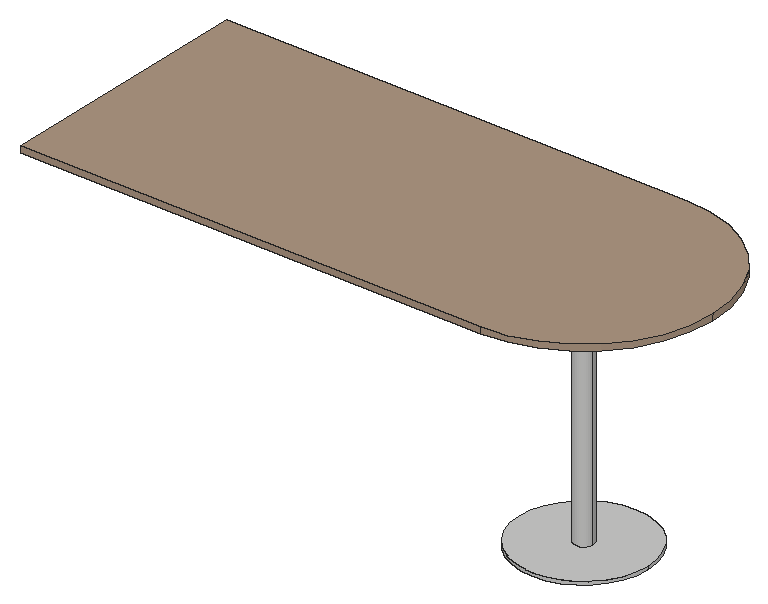
Revit family "Worksurface-Teknion-PLSW__Semisupported_Worksurface-R2015", category Furniture, Revit 2015
Parameters (values of type "Pedestal Leg Style - Bullet Top")
  Worksurface Width [instance] = 96.000"
  Worksurface Thickness = 1.000"  # constant formula
  Worksurface Height [instance] = no
  Note [instance] = "Two Cabinet  Configuration is not available in Depth 24, 30, 42 inches.  One Cabinet configuration is not available in Depth 40 inches."  # constant formula
  Actual Height [instance] = if(Bar Height, 40.000", if(Counter Height, 35.200", 27.200"))  # 40.000"
  Worksurface Finish [instance] = Foundation Laminate - Teknion - YA - Anigre
  Worksurface Depth [instance] = 42.000"
  Worksurface Cut [instance] = if(and(Pedestal Leg Style, not(Only Rectangular Top)), -2.000", 1.000")  # -2.000"
  Working Dimension [instance] = Worksurface Depth / 2  # 21.000"
  Warranty = "http://www.teknion.com/ca/papers/legal-canada"
  Unit Weight URL = "http://www.teknion.com/ca/tools/assets#&asset=bee6a381-b954-425e-8283-5a2de3a804f2,f828d448-4b62-4231-9e5f-9a8991c0ed77"
  URL = "www.teknion.com"
  Two Cabinet Configuration [instance] = not(One Cabinet Configuration)  # no
  Sustainability Data = "http://www.teknion.com/ca/tools/assets#&topic=216f99a5-57a0-44fc-b10a-9dee9b29ae4c&asset=444deb64-fe58-4b68-981e-f75e97781df7"
  Series = "Ledger Plus"  # constant formula
  Rectangular Masking Region Toggle [instance] = not(Bullet Masking Region Toggle)  # no
  Product Page URL = "http://www.teknion.com/ca/products/product-details?productlineid=1293336e-8e7a-673b-a6c8-ff00004460c4"
  Product Line = "Filing and Storage"
  Product Documentation Link = "http://www.teknion.com/pricing/filing-storage/pdfs/PLSW_ppg.pdf"
  Pedestal Leg Style = yes
  Part Number = "PLSW"
  One Cabinet Configuration [instance] = yes
  Model = "PLSWBP_"
  Loop Leg Style Top Bracket Cut Depth [instance] = if(Worksurface Height, 4.000", 0.628")  # 0.628"
  Leg Paint Finish [instance] = Paint - Teknion - Foundation - Crisp Grey
  Description = "Semi-Supported Bullet Top Worksurface, Pedestal Leg Application"
  Counter Height [instance] = no
  Bullet Masking Region Toggle [instance] = if(and(Pedestal Leg Style, not(Only Rectangular Top)), 1 < 2, 1 > 2)  # yes
  Manufacturer Phone = "416-661-3370"  # constant formula
  Manufacturer Fax = "416.661.4586"  # constant formula
  Manufacturer Contact Information = "http://www.teknion.com/ca/contactus"
  Manufacturer Address = "1150 Flint Road, Toronto, ON. M3J 2J5. Canada"  # constant formula
  Manufacturer = "Teknion"  # constant formula
  Loop Leg Style = no
  District Leg Style = no
  Only Rectangular Top = no
  Bar Height [instance] = yes
  Available Worksurface Width [instance] = "60, 66, 72, 78, 84, 90, 96 inches."  # constant formula
  Available Worksurface Heights [instance] = "Please select only one of the following height options."  # constant formula
  Available Worksurface Depth [instance] = if(and(One Cabinet Configuration, Pedestal Leg Style), "36, 42 inches.", if(and(Two Cabinet Configuration, Pedestal Leg Style), "36, 40 inches.", if(and(One Cabinet Configuration, Loop Leg Style), "24, 30, 36, 42 inches.", if(and(Two Cabinet Configuration, Loop Leg Style), "36, 40 inches.", if(and(One Cabinet Configuration, District Leg Style), "24, 30, 36, 42 inches.", "36, 40 inches.")))))  # "36, 42 inches."
  Assembly Code = "E2020200"
  2D Worksurface Top Bracket Visibility [instance] = if(Worksurface Height, 1 < 2, 1 > 2)  # no
  2D Counter & Bar Top Bracket Visibility [instance] = if(and(Loop Leg Style, or(Bar Height, Counter Height)), 1 < 2, 1 > 2)  # no
Types (5): name | Worksurface Width | Worksurface Depth | Worksurface Cut | Working Dimension | Rectangular Masking Region Toggle | Pedestal Leg Style | Model | Description | Bullet Masking Region Toggle | Loop Leg Style | District Leg Style | Only Rectangular Top | Available Worksurface Depth | 2D Counter & Bar Top Bracket Visibility
  (no name) | 96.000" | 42.000" | -2.000" | 21.000" | no | yes | "PLSWBP_" | "Semi-Supported Bullet Top Worksurface, Pedestal Leg Application" | yes | no | no | no | "36, 42 inches." | no
  Loop Leg Style - Rectangular Top | 60.000" | 36.000" | 1.000" | 18.000" | yes | no | "PLSWRL_" | "Semi-Supported Rectangular Top Worksurface, Loop Leg Application" | no | yes | no | yes | "24, 30, 36, 42 inches." | yes
  District Leg - Rectangular Top | 60.000" | 36.000" | 1.000" | 18.000" | yes | no | "PLSWRD_" | "Semi-Supported Rectangular Top Worksurface, District Leg Application" | no | no | yes | yes | "24, 30, 36, 42 inches." | no
  Pedestal Leg Style - Bullet Top | 96.000" | 42.000" | -2.000" | 21.000" | no | yes | "PLSWBP_" | "Semi-Supported Bullet Top Worksurface, Pedestal Leg Application" | yes | no | no | no | "36, 42 inches." | no
  Pedestal Leg Style - Rectangular Top | 96.000" | 42.000" | 1.000" | 21.000" | yes | yes | "PLSWRP_" | "Semi-Supported Rectangular Top Worksurface, Pedestal Application" | no | no | no | yes | "36, 42 inches." | no
Reference planes (in)
  plane 1 "Center Front/Back": y = 0
  plane 2: z = 0
  plane 3 "Center Left/Right": x = 18
  plane 4 "Left": x = -30
  plane 5 "Right": x = 66
  plane 6 "Back": y = 21
  plane 7 "Front": y = -21
  plane 8 "Underside of Worksurface": z = 40
  plane 9 "Top of Worksurface": z = 41
  plane 10 "Worksurface Cutplane": z = 42
  plane 11: x = 45
  plane 12: z = 39.5
  plane 13: z = 39.812
  plane 14: z = 39.875
  plane 15: z = 0.5
  plane 16: z = 0.45
  plane 17: z = 0.985
  plane 18: x = 62.457
Forms (in)
  Extrusion 1, solid, material "Paint - Teknion - Foundation - Crisp Grey" <- "Leg Paint Finish", visible <- "Pedestal Leg Style"
    sketch origin (1.52945, 4.33345, 0) x (1, 0, 0) y (0, 1, 0)
      loop
        circle (43.47055, -4.33345) r 10.5
    from 0 to 0.5
  Extrusion 2, solid, material "Paint - Teknion - Foundation - Crisp Grey" <- "Leg Paint Finish", visible <- "Pedestal Leg Style"
    sketch origin (0, 0, 0) x (1, 0, 0) y (0, 1, 0)
      loop
        circle (45, 0) r 1.5
    from 0 to 40
  Extrusion 3, solid, material "Paint - Teknion - Foundation - Crisp Grey" <- "Leg Paint Finish", visible <- "Pedestal Leg Style"
    sketch origin (0, 0, 40) x (-1, 0, 0) y (0, -1, 0)
      loop
        line (-39.4605, -6.1695) -> (-39.4605, 6.1695) -> (-50.5395, 6.1695) -> (-50.5395, -6.1695) -> (-39.4605, -6.1695)
    from -0.5 to 0
  Extrusion 4, solid, material "Paint - Teknion - Foundation - Crisp Grey" <- "Leg Paint Finish", visible <- "Loop Leg Style"
    sketch origin (66, 0, 0) x (0, 1, 0) y (0, 0, -1)
      loop
        line (-21, -39.812) -> (21, -39.812) -> (21, -0.143) -> (-21, -0.143) -> (-21, -39.812)
      loop
        line (-20.173, -0.97) -> (-20.173, -38.985) -> (20.173, -38.985) -> (20.173, -0.97) -> (-20.173, -0.97)
    from 0 to 3.543
  Extrusion 5, solid, material "Paint - Teknion - Foundation - Crisp Grey" <- "Leg Paint Finish", visible <- "Loop Leg Style"
    sketch origin (0, 0, 0) x (1, 0, 0) y (0, 1, 0)
      loop
        circle (63.007, 20.45) r 0.5
    from 0.143 to 0
  Extrusion 6, solid, material "Paint - Teknion - Foundation - Crisp Grey" <- "Leg Paint Finish", visible <- "Loop Leg Style"
    sketch origin (0, 0, 0) x (1, 0, 0) y (0, 1, 0)
      loop
        circle (63.007, -20.45) r 0.5
    from 0.143 to 0
  Extrusion 7, solid, material "Paint - Teknion - Foundation - Crisp Grey" <- "Leg Paint Finish", visible <- "Loop Leg Style"
    sketch origin (0, 0, 40) x (-1, 0, 0) y (0, -1, 0)
      loop
        line (-62.595, -20.862) -> (-62.595, -18.612) -> (-56.913, -18.612) -> (-56.913, -12.141) -> (-65.862, -12.141) -> (-65.862, -20.862) -> (-62.595, -20.862)
    from -0.188 to 0
  Extrusion 8, solid, material "Paint - Teknion - Foundation - Crisp Grey" <- "Leg Paint Finish", visible <- "Loop Leg Style"
    sketch origin (0, 0, 40) x (-1, 0, 0) y (0, -1, 0)
      loop
        line (-62.595, 20.862) -> (-65.862, 20.862) -> (-65.862, 12.141) -> (-56.913, 12.141) -> (-56.913, 18.612) -> (-62.595, 18.612) -> (-62.595, 20.862)
    from -0.188 to 0
  Extrusion 9, solid, material "Paint - Teknion - Foundation - Crisp Grey" <- "Leg Paint Finish", visible <- "District Leg Style"
    sketch origin (0, 0, 0) x (1, 0, 0) y (0, 1, 0)
      loop
        line (63.25, 21) -> (63.25, 19.25) -> (66, 20.312) -> (66, 21) -> (63.25, 21)
    from 0 to 0.45
  Extrusion 10, solid, material "Paint - Teknion - Foundation - Crisp Grey" <- "Leg Paint Finish", visible <- "District Leg Style"
    sketch origin (0, 0, 0) x (1, 0, 0) y (0, 1, 0)
      loop
        line (63.25, -21) -> (66, -21) -> (66, -20.312) -> (63.25, -19.25) -> (63.25, -21)
    from 0 to 0.45
  Extrusion 11, solid, material "Paint - Teknion - Foundation - Crisp Grey" <- "Leg Paint Finish", visible <- "District Leg Style"
    sketch origin (0, 0, 0) x (1, 0, 0) y (0, 1, 0)
      loop
        line (63.673, -20.859) -> (65.577, -20.859) -> (65.577, -20.29979) -> (63.673, -19.5645) -> (63.673, -20.859)
    from 0.45 to 0.985
  Extrusion 12, solid, material "Paint - Teknion - Foundation - Crisp Grey" <- "Leg Paint Finish", visible <- "District Leg Style"
    sketch origin (0, 0, 0) x (1, 0, 0) y (0, 1, 0)
      loop
        line (63.673, 20.859) -> (63.673, 19.5645) -> (65.577, 20.29979) -> (65.577, 20.859) -> (63.673, 20.859)
    from 0.45 to 0.985
  Extrusion 13, solid, material "Paint - Teknion - Foundation - Crisp Grey" <- "Leg Paint Finish", visible <- "District Leg Style"
    sketch origin (0, 0, 0) x (1, 0, 0) y (0, 1, 0)
      loop
        line (63.25, 21) -> (63.25, 19.25) -> (66, 20.312) -> (66, 21) -> (63.25, 21)
    from 0.985 to 39.312
  Extrusion 14, solid, material "Paint - Teknion - Foundation - Crisp Grey" <- "Leg Paint Finish", visible <- "District Leg Style"
    sketch origin (0, -0.01387, 0) x (1, 0, 0) y (0, 1, 0)
      loop
        line (63.25, -20.98613) -> (66, -20.98613) -> (66, -20.29813) -> (63.25, -19.23613) -> (63.25, -20.98613)
    from 0.985 to 39.312
  Extrusion 15, solid, material "Paint - Teknion - Foundation - Crisp Grey" <- "Leg Paint Finish", visible <- "District Leg Style"
    sketch origin (0, 0, 40) x (-1, 0, 0) y (0, -1, 0)
      loop
        line (-63.25, -21) -> (-63.25, 21) -> (-66, 21) -> (-66, -21) -> (-63.25, -21)
    from 0 to -0.688
  Extrusion 16, solid, material "Paint - Teknion - Foundation - Crisp Grey" <- "Leg Paint Finish", visible <- "District Leg Style"
    sketch origin (0, 0, 40) x (-1, 0, 0) y (0, -1, 0)
      loop
        line (-60.25, -19.63) -> (-60.25, -15.63) -> (-66, -15.63) -> (-66, -19.63) -> (-60.25, -19.63)
    from 0 to -0.125
  Extrusion 17, solid, material "Paint - Teknion - Foundation - Crisp Grey" <- "Leg Paint Finish", visible <- "District Leg Style"
    sketch origin (0, 0, 40) x (-1, 0, 0) y (0, -1, 0)
      loop
        line (-60.25, 19.63) -> (-66, 19.63) -> (-66, 15.63) -> (-60.25, 15.63) -> (-60.25, 19.63)
    from 0 to -0.125
  Extrusion 18, solid, material "Foundation Laminate - Teknion - YA - Anigre" <- "Worksurface Finish"
    sketch origin (0, 0, 40) x (-1, 0, 0) y (0, -1, 0)
      loop
        line (30, -21) -> (30, 21) -> (-66, 21) -> (-66, -21) -> (30, -21)
    from 0 to 1
  Extrusion 19, void
    sketch origin (0, 0, 42) x (-1, 0, 0) y (0, -1, 0)
      loop
        arc (-45, -21) -> (-59.84924, -14.84924) -> (-66, 0) r 21
        line (-66, 0) -> (-66, -21) -> (-45, -21)
    from 0 to -2 <- "Worksurface Cut"
  Extrusion 20, void
    sketch origin (0, 0, 42) x (-1, 0, 0) y (0, -1, 0)
      loop
        line (-45, 21) -> (-66, 21) -> (-66, 0)
        arc (-66, 0) -> (-59.84924, 14.84924) -> (-45, 21) r 21
    from 0 to -2 <- "Worksurface Cut"
  Extrusion 21, void
    sketch origin (-106.02037, -180, 42) x (0, -1, 0) y (-1, 0, 0)
      loop
        line (-161.388, -168.61537) -> (-161.388, -162.93337) -> (-167.859, -162.93337) -> (-167.859, -168.61537) -> (-161.388, -168.61537)
      loop
        line (-198.612, -168.61537) -> (-192.141, -168.61537) -> (-192.141, -162.93337) -> (-198.612, -162.93337) -> (-198.612, -168.61537)
    from 0 to 0.628
Cuts and joins
  joined: Extrusion 1, Extrusion 2, Extrusion 3
  Extrusion 21 cuts Extrusion 5
  Extrusion 21 cuts Extrusion 6
  Extrusion 19, Extrusion 20, Extrusion 21 cuts Extrusion 7
  Extrusion 21 cuts Extrusion 8
  joined: Extrusion 4, Extrusion 5, Extrusion 6, Extrusion 7, Extrusion 8
  joined: Extrusion 9, Extrusion 10, Extrusion 11, Extrusion 12, Extrusion 13, Extrusion 14, Extrusion 15, Extrusion 16, Extrusion 17
  Extrusion 19, Extrusion 20 cuts Extrusion 18
Lines and regions (in)
  Masking region 1, visible <- "Rectangular Masking Region Toggle"
    outline origin (0, 0, 42) x (-1, 0, 0) y (0, -1, 0)
      loop
        line (30, -21) -> (30, 21) -> (-66, 21) -> (-66, -21) -> (30, -21)
  Masking region 2, visible <- "Bullet Masking Region Toggle"
    outline origin (0, 0, 42) x (-1, 0, 0) y (0, -1, 0)
      loop
        line (-45, -21) -> (30, -21) -> (30, 21) -> (-45, 21)
        arc (-45, 21) -> (-59.84924, 14.84924) -> (-66, 0) r 21
        arc (-66, 0) -> (-59.84924, -14.84924) -> (-45, -21) r 21
  symbolic lines, style "FurnitureHiddenLines", visible <- "Pedestal Leg Style", detail levels fine
    curve 1: circle (45, 0, 42) r 10.5 normal (0, 0, 1)
    curve 2: circle (45, 0, 42) r 1.5 normal (0, 0, 1)
  symbolic lines, style "FurnitureHiddenLines", visible <- "Pedestal Leg Style", detail levels medium+fine
    curve 3: line (39.4605, 6.1695, 42) -> (50.5395, 6.1695, 42)
    curve 4: line (39.4605, -6.1695, 42) -> (39.4605, 6.1695, 42)
    curve 5: line (50.5395, -6.1695, 42) -> (39.4605, -6.1695, 42)
    curve 6: line (50.5395, 6.1695, 42) -> (50.5395, -6.1695, 42)
  symbolic lines, style "FurnitureHiddenLines", visible <- "District Leg Style", detail levels fine
    curve 7: line (63.25, 19.63, 42) -> (60.25, 19.63, 42)
    curve 8: line (60.25, 19.63, 42) -> (60.25, 15.63, 42)
    curve 9: line (60.25, 15.63, 42) -> (63.25, 15.63, 42)
    curve 11: line (63.25, -15.63, 42) -> (60.25, -15.63, 42)
    curve 12: line (60.25, -15.63, 42) -> (60.25, -19.63, 42)
    curve 13: line (60.25, -19.63, 42) -> (63.25, -19.63, 42)
    curve 16: line (65.577, 20.859, 42) -> (63.673, 20.859, 42)
    curve 17: line (65.577, 20.29979, 42) -> (65.577, 20.859, 42)
    curve 18: line (63.673, 19.5645, 42) -> (65.577, 20.29979, 42)
    curve 19: line (63.673, 20.859, 42) -> (63.673, 19.5645, 42)
    curve 20: line (65.577, -20.29979, 42) -> (63.673, -19.5645, 42)
    curve 21: line (63.673, -19.5645, 42) -> (63.673, -20.859, 42)
    curve 22: line (65.577, -20.859, 42) -> (65.577, -20.29979, 42)
    curve 23: line (63.673, -20.859, 42) -> (65.577, -20.859, 42)
    curve 24: line (63.25, 21, 42) -> (63.25, -21, 42)
  symbolic lines, style "FurnitureHiddenLines", visible <- "District Leg Style", detail levels medium+fine
    curve 10: line (63.25, 21, 42) -> (63.25, -21, 42)
    curve 14: line (66, -20.312, 42) -> (63.25, -19.25, 42)
    curve 15: line (63.25, 19.25, 42) -> (66, 20.312, 42)
  symbolic lines, style "FurnitureHiddenLines", visible <- "Loop Leg Style", detail levels medium+fine
    curve 25: line (62.457, 21, 42) -> (62.457, -21, 42)
    curve 26: line (62.457, 20.173, 42) -> (66, 20.173, 42)
    curve 27: line (66, -20.173, 42) -> (62.457, -20.173, 42)
  symbolic lines, style "FurnitureHiddenLines", visible <- "Loop Leg Style", detail levels fine
    curve 28: line (65.862, -12.141, 42) -> (62.5951, -12.141, 42)
    curve 31: line (62.595, -18.612, 42) -> (62.595, -20.862, 42)
    curve 32: line (62.595, -20.862, 42) -> (65.862, -20.862, 42)
    curve 33: line (65.862, -20.862, 42) -> (65.862, -12.141, 42)
    curve 37: line (62.595, 20.862, 42) -> (62.595, 18.612, 42)
    curve 38: line (65.862, 20.862, 42) -> (62.595, 20.862, 42)
    curve 39: line (65.862, 12.141, 42) -> (65.862, 20.862, 42)
    curve 40: arc (62.507, 20.45, 42) -> (63.007, 19.95, 42) -> (63.507, 20.45, 42) r 0.5
    curve 41: arc (63.507, -20.45, 42) -> (63.007, -19.95, 42) -> (62.507, -20.45, 42) r 0.5
    curve 42: arc (63.507, 20.45, 42) -> (63.007, 20.95, 42) -> (62.507, 20.45, 42) r 0.5
    curve 43: arc (62.507, -20.45, 42) -> (63.007, -20.95, 42) -> (63.507, -20.45, 42) r 0.5
    curve 49: line (62.59507, 12.141, 42) -> (65.862, 12.141, 42)
  symbolic lines, style "FurnitureHiddenLines", visible <- "2D Counter & Bar Top Bracket Visibility", detail levels fine
    curve 29: line (56.913, -12.141, 42) -> (56.913, -18.612, 42)
    curve 30: line (56.913, -18.612, 42) -> (62.595, -18.612, 42)
    curve 34: line (56.913, 12.141, 42) -> (62.59507, 12.141, 42)
    curve 35: line (56.913, 18.612, 42) -> (56.913, 12.141, 42)
    curve 36: line (62.595, 18.612, 42) -> (56.913, 18.612, 42)
    curve 50: line (62.5951, -12.141, 42) -> (56.913, -12.141, 42)
  reference lines, not visible
    curve 44: line (-30, 21, 0) -> (-30, -21, 0)
  reference lines
    curve 45: line (-30, 21, 0) -> (66, 21, 0)
    curve 46: line (66, 21, 0) -> (66, -21, 0)
    curve 47: line (-30, -21, 0) -> (66, -21, 0)
  symbolic lines, style "FurnitureHiddenLines", visible <- "2D Worksurface Top Bracket Visibility", detail levels fine
    curve 48: line (62.595, 12.141, 42) -> (62.595, 18.612, 42)
    curve 51: line (62.595, -18.612, 42) -> (62.595, -12.141, 42)
Dimensions and locks (in)
  "Worksurface Width": plane 4 "Left" to plane 5 "Right"
  "Worksurface Depth": plane 6 "Back" to plane 7 "Front"
  "Actual Height": plane 8 "Underside of Worksurface" to level
  "Worksurface Thickness": plane 9 "Top of Worksurface" to plane 8 "Underside of Worksurface"
  equal spacing: plane 4 "Left", plane 3 "Center Left/Right", plane 5 "Right"
  equal spacing: plane 6 "Back", plane 1 "Center Front/Back", plane 7 "Front"
  "Worksurface Thickness": plane 10 "Worksurface Cutplane" to plane 9 "Top of Worksurface"
  "Working Dimension": plane 11 to plane 5 "Right"
  locked: plane 11 to Extrusion 1 sketch curve at 0
  locked: plane 1 "Center Front/Back" to Extrusion 1 sketch curve at 0
  locked: Extrusion 2 sketch curve to plane 11 at 0
  locked: Extrusion 2 sketch curve to plane 1 "Center Front/Back" at 0
  locked: Extrusion 3 sketch curve to Extrusion 3 sketch curve at 12.339
  locked: Extrusion 3 sketch curve to Extrusion 3 sketch curve at 11.079
  equal spacing: Extrusion 3 sketch curve, plane 11, Extrusion 3 sketch curve
  equal spacing: Extrusion 3 sketch curve, plane 1 "Center Front/Back", Extrusion 3 sketch curve
  locked: plane 8 "Underside of Worksurface" to Extrusion 4 sketch curve at 0.188
  locked: Extrusion 4 sketch curve to level at 0.143
  locked: Extrusion 4 sketch curve to Extrusion 4 sketch curve at 0.827  (x4)
  locked: Extrusion 5 sketch curve to plane 5 "Right" at 2.993
  locked: plane 6 "Back" to Extrusion 5 sketch curve at 0.55
  locked: plane 7 "Front" to Extrusion 6 sketch curve at 0.55
  locked: Extrusion 6 sketch curve to plane 5 "Right" at 2.993
  locked: Extrusion 4 to Extrusion 7 sketch curve at 0.138  (x2)
  locked: Extrusion 7 sketch curve to Extrusion 4 at 0.138
  locked: Extrusion 7 sketch curve to Extrusion 7 sketch curve at 8.721
  locked: Extrusion 7 sketch curve to Extrusion 7 sketch curve at 8.949
  locked: Extrusion 7 sketch curve to Extrusion 7 sketch curve at 6.471
  locked: Extrusion 8 sketch curve to Extrusion 8 sketch curve at 8.721
  locked: Extrusion 8 sketch curve to Extrusion 8 sketch curve at 8.949
  locked: Extrusion 8 sketch curve to Extrusion 8 sketch curve at 6.471
  locked: Extrusion 8 sketch curve to Extrusion 4 at 0.138
  locked: Extrusion 4 to Extrusion 8 sketch curve at 0.138  (x2)
  locked: Extrusion 9 sketch curve to Extrusion 9 sketch curve at 2.75
  locked: Extrusion 9 sketch curve to Extrusion 9 sketch curve at 0.688
  locked: Extrusion 9 sketch curve to Extrusion 9 sketch curve at 1.75
  locked: Extrusion 9 sketch curve to plane 5 "Right" at 2.75
  locked: Extrusion 10 sketch curve to Extrusion 10 sketch curve at 2.75
  locked: Extrusion 10 sketch curve to Extrusion 10 sketch curve at 0.688
  locked: Extrusion 10 sketch curve to Extrusion 10 sketch curve at 1.75
  locked: Extrusion 11 sketch curve to Extrusion 11 sketch curve at 1.2945
  locked: Extrusion 11 sketch curve to Extrusion 11 sketch curve at 1.904
  locked: Extrusion 11 sketch curve to Extrusion 11 sketch curve at 0.55921
  locked: Extrusion 11 sketch curve to plane 5 "Right" at 0.423
  locked: plane 7 "Front" to Extrusion 11 sketch curve at 0.141
  locked: Extrusion 12 sketch curve to Extrusion 12 sketch curve at 1.2945
  locked: Extrusion 12 sketch curve to Extrusion 12 sketch curve at 1.904
  locked: Extrusion 12 sketch curve to Extrusion 12 sketch curve at 0.55921
  locked: Extrusion 12 sketch curve to plane 5 "Right" at 0.423
  locked: plane 6 "Back" to Extrusion 12 sketch curve at 0.141
  locked: Extrusion 13 sketch curve to Extrusion 13 sketch curve at 2.75
  locked: Extrusion 13 sketch curve to Extrusion 13 sketch curve at 0.688
  locked: Extrusion 13 sketch curve to Extrusion 13 sketch curve at 1.75
  locked: Extrusion 14 sketch curve to Extrusion 14 sketch curve at 2.75
  locked: Extrusion 14 sketch curve to Extrusion 14 sketch curve at 0.688
  locked: Extrusion 14 sketch curve to Extrusion 14 sketch curve at 1.75
  locked: Extrusion 16 sketch curve to Extrusion 16 sketch curve at 5.75
  locked: Extrusion 16 sketch curve to Extrusion 16 sketch curve at 4
  locked: plane 6 "Back" to Extrusion 16 sketch curve at 1.37
  locked: Extrusion 17 sketch curve to Extrusion 17 sketch curve at 5.75
  locked: Extrusion 17 sketch curve to Extrusion 17 sketch curve at 4
  locked: plane 7 "Front" to Extrusion 17 sketch curve at 1.37
  locked: plane 8 "Underside of Worksurface" to cut or joined group 1 (Extrusion 9, Extrusion 10, Extrusion 11, Extrusion 12, Extrusion 13, Extrusion 14, Extrusion 15, Extrusion 16, Extrusion 17) at 0.688
  "Working Dimension": Extrusion 19 sketch curve to Extrusion 19 sketch curve  (x2)
  "Working Dimension": Extrusion 20 sketch curve to Extrusion 20 sketch curve  (x2)
  locked: curve 1 to plane 11 at 0
  locked: curve 1 to plane 1 "Center Front/Back" at 0
  locked: curve 2 to plane 11 at 0
  locked: curve 2 to plane 1 "Center Front/Back" at 0
  locked: plane 8 "Underside of Worksurface" to plane 12 at 0.5
  locked: plane 8 "Underside of Worksurface" to plane 13 at 0.188
  locked: plane 8 "Underside of Worksurface" to plane 14 at 0.125
  locked: plane 15 to plane 2 at 0.5
  locked: plane 16 to plane 2 at 0.45
  locked: plane 17 to level at 0.985
  locked: plane 18 to plane 5 "Right" at 3.543
  "Loop Leg Style Top Bracket Cut Depth": plane 10 "Worksurface Cutplane" to Extrusion 21
  aligned and locked: level to plane 2
  aligned and locked: plane 8 "Underside of Worksurface" to Extrusion 2
  aligned and locked: Extrusion 4 sketch curve to plane 7 "Front"
  aligned and locked: Extrusion 4 sketch curve to plane 6 "Back"
  aligned and locked: Extrusion 5 to Extrusion 4
  aligned and locked: Extrusion 6 to Extrusion 4
  aligned and locked: plane 6 "Back" to Extrusion 9 sketch curve
  aligned and locked: plane 7 "Front" to Extrusion 10 sketch curve
  aligned and locked: Extrusion 10 sketch curve to plane 5 "Right"
  aligned and locked: Extrusion 13 to plane 5 "Right"
  aligned and locked: Extrusion 13 to plane 6 "Back"
  aligned and locked: Extrusion 14 to plane 5 "Right"
  aligned and locked: plane 7 "Front" to Extrusion 14
  aligned and locked: plane 5 "Right" to Extrusion 15 sketch curve
  aligned and locked: plane 6 "Back" to Extrusion 15 sketch curve
  aligned and locked: Extrusion 15 sketch curve to plane 7 "Front"
  aligned and locked: Extrusion 15 sketch curve to Extrusion 14
  aligned and locked: Extrusion 14 to Extrusion 15
  aligned and locked: Extrusion 13 to Extrusion 15
  aligned and locked: plane 5 "Right" to Extrusion 16 sketch curve
  aligned and locked: Extrusion 17 sketch curve to plane 5 "Right"
  aligned and locked: Extrusion 18 sketch curve to plane 6 "Back"
  aligned and locked: plane 4 "Left" to Extrusion 18 sketch curve
  aligned and locked: Extrusion 18 sketch curve to plane 7 "Front"
  aligned and locked: plane 5 "Right" to Extrusion 18 sketch curve
  aligned and locked: Extrusion 19 sketch curve to plane 6 "Back"
  aligned and locked: plane 5 "Right" to Extrusion 19 sketch curve
  aligned and locked: plane 7 "Front" to Extrusion 20 sketch curve
  aligned and locked: Extrusion 20 sketch curve to plane 5 "Right"
  aligned and locked: Masking region 1 sketch curve to plane 6 "Back"
  aligned and locked: plane 4 "Left" to Masking region 1 sketch curve
  aligned and locked: Masking region 1 sketch curve to plane 7 "Front"
  aligned and locked: plane 5 "Right" to Masking region 1 sketch curve
  aligned and locked: plane 5 "Right" to Masking region 2 sketch curve
  aligned and locked: plane 7 "Front" to Masking region 2 sketch curve  (x2)
  aligned and locked: Masking region 2 sketch curve to plane 4 "Left"
  aligned and locked: plane 6 "Back" to Masking region 2 sketch curve
  aligned and locked: cut or joined group 1 to curve 7
  aligned and locked: curve 8 to cut or joined group 1
  aligned and locked: curve 9 to cut or joined group 1
  aligned and locked: curve 10 to cut or joined group 1
  aligned and locked: curve 15 to cut or joined group 1
  aligned and locked: curve 16 to cut or joined group 1
  aligned and locked: curve 17 to cut or joined group 1
  aligned and locked: curve 18 to cut or joined group 1
  aligned and locked: curve 19 to cut or joined group 1
  aligned and locked: curve 20 to cut or joined group 1
  aligned and locked: curve 21 to cut or joined group 1
  aligned and locked: curve 22 to cut or joined group 1
  aligned and locked: curve 23 to cut or joined group 1
  aligned and locked: curve 28 to cut or joined group 2 (Extrusion 4, Extrusion 5, Extrusion 6, Extrusion 7, Extrusion 8, Extrusion 19, Extrusion 20, Extrusion 21)
  aligned and locked: curve 29 to cut or joined group 2
  aligned and locked: curve 30 to cut or joined group 2
  aligned and locked: cut or joined group 2 to curve 31
  aligned and locked: curve 32 to cut or joined group 2
  aligned and locked: curve 33 to cut or joined group 2
  aligned and locked: curve 34 to cut or joined group 2
  aligned and locked: curve 35 to cut or joined group 2
  aligned and locked: curve 36 to cut or joined group 2
  aligned and locked: curve 37 to cut or joined group 2
  aligned and locked: curve 38 to cut or joined group 2
  aligned and locked: curve 39 to cut or joined group 2
  aligned and locked: curve 40 to cut or joined group 2
  aligned and locked: curve 41 to cut or joined group 2
  aligned and locked: curve 42 to cut or joined group 2
  aligned and locked: curve 43 to cut or joined group 2
  aligned and locked: curve 44 to plane 4 "Left"
  aligned and locked: curve 45 to plane 6 "Back"
  aligned and locked: plane 5 "Right" to curve 46
  aligned and locked: plane 7 "Front" to curve 47
  aligned and locked: plane 8 "Underside of Worksurface" to cut or joined group of Extrusion 1, Extrusion 2, Extrusion 3
  aligned and locked: plane 12 to cut or joined group of Extrusion 1, Extrusion 2, Extrusion 3
  aligned and locked: plane 13 to cut or joined group 2
  aligned and locked: plane 8 "Underside of Worksurface" to cut or joined group 2
  aligned and locked: plane 8 "Underside of Worksurface" to cut or joined group 1  (x2)
  aligned and locked: plane 14 to cut or joined group 1
  aligned and locked: cut or joined group 2 to plane 13
  aligned and locked: cut or joined group of Extrusion 1, Extrusion 2, Extrusion 3 to plane 2  (x2)
  aligned and locked: cut or joined group of Extrusion 1, Extrusion 2, Extrusion 3 to plane 15
  aligned and locked: plane 15 to cut or joined group of Extrusion 1, Extrusion 2, Extrusion 3
  aligned and locked: plane 2 to cut or joined group 2  (x2)
  aligned and locked: cut or joined group 1 to plane 16  (x3)
  aligned and locked: plane 2 to cut or joined group 1  (x2)
  aligned and locked: plane 17 to cut or joined group 1  (x2)
  aligned and locked: cut or joined group 1 to plane 17  (x2)
  aligned and locked: plane 16 to cut or joined group 1  (x2)
  aligned and locked: plane 10 "Worksurface Cutplane" to Extrusion 20
  aligned and locked: plane 10 "Worksurface Cutplane" to Extrusion 19
  aligned and locked: cut or joined group 2 to plane 5 "Right"
  aligned and locked: cut or joined group 2 to plane 18
  aligned and locked: curve 6 to cut or joined group of Extrusion 1, Extrusion 2, Extrusion 3
  aligned and locked: curve 3 to cut or joined group of Extrusion 1, Extrusion 2, Extrusion 3
  aligned and locked: Extrusion 21 sketch curve to cut or joined group 2  (x8)
  aligned and locked: plane 10 "Worksurface Cutplane" to Extrusion 21
  aligned and locked: curve 48 to Extrusion 21
  aligned and locked: curve 51 to Extrusion 21
Automatic sketch dimensions
  Extrusion 13 sketch curve to plane 6 "Back" = 0.000"
  Extrusion 13 sketch curve to plane 5 "Right" = 0.000"
  plane 7 "Front" to Extrusion 14 sketch curve = 0.000"
  Extrusion 14 sketch curve to plane 5 "Right" = 0.000"
  Masking region 2 sketch curve to Masking region 2 sketch curve = 0.000"
  curve 15 to plane 5 "Right" = 0.000"
  curve 14 to plane 5 "Right" = 0.000"
  curve 10 to plane 6 "Back" = 0.000"
  plane 7 "Front" to curve 10 = 0.000"
  plane 7 "Front" to curve 24 = 0.000"
  curve 24 to plane 6 "Back" = 0.000"
  curve 24 to curve 10 = 0.000"
  curve 25 to plane 6 "Back" = 0.000"
  plane 7 "Front" to curve 25 = 0.000"
  curve 26 to plane 5 "Right" = 0.000"
  curve 27 to plane 5 "Right" = 0.000"
  curve 11 to curve 11 = 3.000"
  curve 11 to curve 30 = 2.982"
  curve 13 to plane 7 "Front" = 1.370"
  curve 4 to plane 11 = 5.5395"
  plane 1 "Center Front/Back" to curve 5 = 6.1695"
  curve 31 to curve 25 = 0.138"
  curve 42 to curve 26 = 0.277"
  curve 27 to curve 14 = 0.139"
  curve 14 to curve 13 = 0.380"
  curve 27 to curve 20 = 0.12679"
  curve 48 to plane 6 "Back" = 2.388"
  curve 48 to curve 48 = 6.471"
  plane 18 to curve 34 = 0.13807"
  plane 18 to curve 50 = 0.1381"
  curve 51 to plane 7 "Front" = 8.859"
  curve 51 to plane 7 "Front" = 2.388"
  radius of Extrusion 1 sketch curve = 10.500"
  radius of Extrusion 2 sketch curve = 1.500"
  radius of Extrusion 5 sketch curve = 0.500"
  radius of Extrusion 6 sketch curve = 0.500"
  radius of curve 1 = 10.500"
  radius of curve 2 = 1.500"
